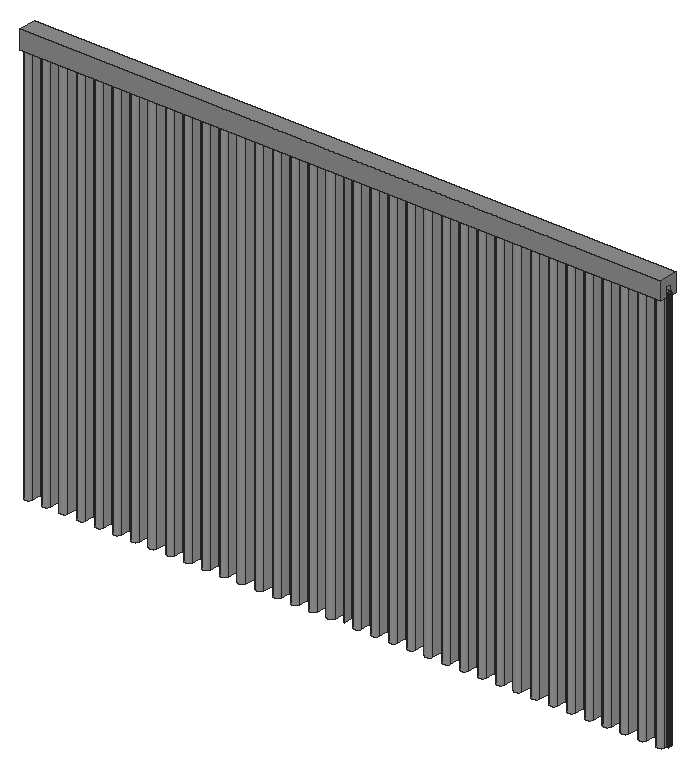
Revit family "Haworth_Pergola_Drapery_Straight", category Furniture Systems, Revit 2018
Family settings
  Round Connector Dimension = Use Diameter
  Part Type = Normal
  OmniClass Number = 23.40.70.14.64.21
  OmniClass Title = Systems Furniture
  Work Plane-Based = No
  Always vertical = Yes
  Cut with Voids When Loaded = No
  Shared = No
  Room Calculation Point = No
Parameters (values of type "144w - Closed Drapery")
  Width = 144"
  Warranty = "http://www.haworth.com/resources/product-info/warranties"
  URL - Product = "https://www.haworth.com/na/en/inspiration/pergola.html"
  URL = "http://www.haworth.com"
  Trim Finish = Haworth _ Paint _ Undecided _ Pergola
  Top Rail [instance] = yes
  Top Drapery Offset = 1/2"
  Standard Width = "48, 72, 96, 120, 144 in."  # constant formula
  Slat Count = ((Actual Width - (End Slat Offset * 2)) / 8") + 1  # 18
  Half Open Drapery = no
  End Slat Offset = 4"  # constant formula
  Custom Size = not(or(Width = 48", Width = 72", Width = 96", Width = 120", Width = 144"))  # no
  Curtain Finish = Haworth _ Fabric _ Undecided _ Pergola
  Closed Drapery = not(Half Open Drapery)  # yes
  Bracket Thickness = 25/128"  # constant formula
  Sustainability Info = "http://www.haworth.com/company-info/sustainablility"
  Model = "Haworth Pergola"  # constant formula
  Description = "Haworth - Pergola Drapery - Straight"  # constant formula
  Base Height = 1 1/2"  # constant formula
  Actual Depth = 4"  # constant formula
  Size = "Verify Final Dim. w/ Haworth"  # constant formula
  Revision Number = "1"  # constant formula
  Min. Width = 48"  # constant formula
  Max. Width = 144"  # constant formula
  Min. Height = 89 1/2"  # constant formula
  Max. Height = 89 1/2"  # constant formula
  Manufacturer = "Haworth"  # constant formula
  Author = "Haworth (Alias)"  # constant formula
  Assembly Code = "E2020200"
  Actual Width = Width  # 144"
  Actual Height = 91 1/4"  # constant formula
  96in Wide Drapery = and(Width = 96", Closed Drapery)  # no
  72in Wide Drapery = and(Width = 72", Closed Drapery)  # no
  48in Wide Drapery = or(and(Width = 96", Half Open Drapery), and(Width = 48", Closed Drapery))  # no
  36in Wide Drapery - Right = and(Width = 144", Half Open Drapery)  # no
  36in Wide Drapery - Left = or(and(Width = 72", Half Open Drapery), and(Width = 144", Half Open Drapery))  # no
  24in Wide Drapery - Right = and(Width = 120", Half Open Drapery)  # no
  24in Wide Drapery - Left = or(and(Width = 48", Half Open Drapery), and(Width = 120", Half Open Drapery))  # no
  144in Wide Drapery = and(Width = 144", Closed Drapery)  # yes
  120in Wide Drapery = and(Width = 120", Closed Drapery)  # no
Reference planes (in)
  plane 1 "Center F/B": y = 0
  plane 2 "Bottom": z = 0
  plane 3 "Center L/R": x = 1.5
  plane 4 "Back": y = 2
  plane 5 "Front": y = -2
  plane 6 "Right": x = 73.5
  plane 7 "Top": z = 92.75
  plane 8 "Left": x = -70.5
  plane 9 "Base Top": z = 1.5
  plane 10 "End Left Slat": x = -66.5
  plane 11 "End Right Slat": x = 69.5
  plane 12: z = 95.5
  plane 13: x = -46.48571
  plane 14: x = -70.42126
  plane 15: x = -34.48571
  plane 16: x = -70.42126
  plane 17: z = 96
  plane 18: x = 25.48571
  plane 19: x = 49.42126
  plane 20: x = 37.48571
  plane 21: x = 73.42126
Forms (in)
  Extrusion 1, solid, material "Haworth _ Paint _ Undecided _ Pergola" <- "Trim Finish"
    sketch origin (0, 0, 0) x (1, 0, 0) y (0, 1, 0)
      loop
        circle (1.5, 0) r 0.23622
    from 91.30469 to 92.75
  Sweep 2, solid, material "Haworth _ Paint _ Undecided _ Pergola" <- "Trim Finish"
    path origin (0, 0, 0) x (1, 0, 0) y (0, 0, 1)
      loop
        line (-70.5, 92.75) -> (-70.5, 1.5)
    profile origin (-70.5, 0, 47.125) x (0, -1, 0) y (1, 0, 0)
      loop
        line (0.59941, 0) -> (-0.59941, 0) -> (-0.59941, -0.0689) -> (-0.52756, -0.0689) -> (-0.52756, -0.52165) -> (-0.46555, -0.52165) -> (-0.46555, -0.0689) -> (0.18996, -0.0689) -> (0.18996, -0.52756) -> (0.30807, -0.52756) -> (0.30807, -0.0689) -> (0.59941, -0.0689) -> (0.59941, 0)
  Sweep 3, solid, material "Haworth _ Paint _ Undecided _ Pergola" <- "Trim Finish"
    path origin (3, 0, 0) x (-1, 0, 0) y (0, 0, 1)
      loop
        line (-70.5, 92.75) -> (-70.5, 1.5)
    profile origin (73.5, 0, 47.125) x (0, -1, 0) y (1, 0, 0)
      loop
        line (-0.59941, 0) -> (0.59941, 0) -> (0.59941, 0.0689) -> (0.52756, 0.0689) -> (0.52756, 0.52165) -> (0.46555, 0.52165) -> (0.46555, 0.0689) -> (-0.18996, 0.0689) -> (-0.18996, 0.52756) -> (-0.30807, 0.52756) -> (-0.30807, 0.0689) -> (-0.59941, 0.0689) -> (-0.59941, 0)
  Sweep 4, solid, material "Haworth _ Paint _ Undecided _ Pergola" <- "Trim Finish"
    path origin (0, 0, 0) x (1, 0, 0) y (0, 0, 1)
      loop
        line (-70.5, 92.75) -> (73.5, 92.75)
    profile origin (1.5, 0, 92.75) x (0, 0, 1) y (0, -1, 0)
      loop
        line (0.0689, -0.59941) -> (0.0689, 0.59941) -> (0, 0.59941) -> (0, -0.59941) -> (0.0689, -0.59941)
  Sweep 5, solid, material "Haworth _ Fabric _ Undecided _ Pergola" <- "Curtain Finish", visible <- "144in Wide Drapery"
    path origin (0, 0, 0) x (1, 0, 0) y (0, 0, 1)
      loop
        line (-70.5, 1.5) -> (-70.5, 92.25)
    profile origin (-70.5, 0, 46.875) x (-1, 0, 0) y (0, -1, 0)
      loop
        line (-0.07874, -1) -> (-0.07874, 0.82614)
        arc (-0.07874, 0.82614) -> (-0.95857, 1.74658) -> (-1.91775, 0.90916) r 0.92138
        line (-1.91775, 0.90916) -> (-2.08309, -0.91838)
        arc (-2.08309, -0.91838) -> (-3, -1.75608) -> (-3.91691, -0.91838) r 0.92066
        line (-3.91691, -0.91838) -> (-4.08187, 0.90498)
        arc (-4.08187, 0.90498) -> (-5, 1.74379) -> (-5.91813, 0.90498) r 0.92188
        line (-5.91813, 0.90498) -> (-6.08187, -0.90498)
        arc (-6.08187, -0.90498) -> (-7, -1.74379) -> (-7.91813, -0.90498) r 0.92188
        line (-7.91813, -0.90498) -> (-8.08187, 0.90498)
        arc (-8.08187, 0.90498) -> (-9, 1.74379) -> (-9.91813, 0.90498) r 0.92188
        line (-9.91813, 0.90498) -> (-10.08187, -0.90498)
        arc (-10.08187, -0.90498) -> (-11, -1.74379) -> (-11.91813, -0.90498) r 0.92188
        line (-11.91813, -0.90498) -> (-12.08187, 0.90498)
        arc (-12.08187, 0.90498) -> (-13, 1.74379) -> (-13.91813, 0.90498) r 0.92188
        line (-13.91813, 0.90498) -> (-14.08309, -0.91838)
        arc (-14.08309, -0.91838) -> (-15, -1.75608) -> (-15.91691, -0.91838) r 0.92066
        line (-15.91691, -0.91838) -> (-16.08187, 0.90498)
        arc (-16.08187, 0.90498) -> (-17, 1.74379) -> (-17.91813, 0.90498) r 0.92188
        line (-17.91813, 0.90498) -> (-18.08309, -0.91838)
        arc (-18.08309, -0.91838) -> (-19, -1.75608) -> (-19.91691, -0.91838) r 0.92066
        line (-19.91691, -0.91838) -> (-20.08187, 0.90498)
        arc (-20.08187, 0.90498) -> (-21, 1.74379) -> (-21.91813, 0.90498) r 0.92188
        line (-21.91813, 0.90498) -> (-22.08309, -0.91838)
        arc (-22.08309, -0.91838) -> (-23, -1.75608) -> (-23.91691, -0.91838) r 0.92066
        line (-23.91691, -0.91838) -> (-24.08187, 0.90498)
        arc (-24.08187, 0.90498) -> (-25, 1.74379) -> (-25.91813, 0.90498) r 0.92188
        line (-25.91813, 0.90498) -> (-26.08309, -0.91838)
        arc (-26.08309, -0.91838) -> (-27, -1.75608) -> (-27.91691, -0.91838) r 0.92066
        line (-27.91691, -0.91838) -> (-28.08187, 0.90498)
        arc (-28.08187, 0.90498) -> (-29, 1.74379) -> (-29.91813, 0.90498) r 0.92188
        line (-29.91813, 0.90498) -> (-30.08309, -0.91838)
        arc (-30.08309, -0.91838) -> (-31, -1.75608) -> (-31.91691, -0.91838) r 0.92066
        line (-31.91691, -0.91838) -> (-32.08187, 0.90498)
        arc (-32.08187, 0.90498) -> (-33, 1.74379) -> (-33.91813, 0.90498) r 0.92188
        line (-33.91813, 0.90498) -> (-34.08309, -0.91838)
        arc (-34.08309, -0.91838) -> (-35, -1.75608) -> (-35.91691, -0.91838) r 0.92066
        line (-35.91691, -0.91838) -> (-36.08187, 0.90498)
        arc (-36.08187, 0.90498) -> (-37, 1.74379) -> (-37.91813, 0.90498) r 0.92188
        line (-37.91813, 0.90498) -> (-38.08309, -0.91838)
        arc (-38.08309, -0.91838) -> (-39, -1.75608) -> (-39.91691, -0.91838) r 0.92066
        line (-39.91691, -0.91838) -> (-40.08187, 0.90498)
        arc (-40.08187, 0.90498) -> (-41, 1.74379) -> (-41.91813, 0.90498) r 0.92188
        line (-41.91813, 0.90498) -> (-42.08309, -0.91838)
        arc (-42.08309, -0.91838) -> (-43, -1.75608) -> (-43.91691, -0.91838) r 0.92066
        line (-43.91691, -0.91838) -> (-44.08187, 0.90498)
        arc (-44.08187, 0.90498) -> (-45, 1.74379) -> (-45.91813, 0.90498) r 0.92188
        line (-45.91813, 0.90498) -> (-46.08309, -0.91838)
        arc (-46.08309, -0.91838) -> (-47, -1.75608) -> (-47.91691, -0.91838) r 0.92066
        line (-47.91691, -0.91838) -> (-48.08187, 0.90498)
        arc (-48.08187, 0.90498) -> (-49, 1.74379) -> (-49.91813, 0.90498) r 0.92188
        line (-49.91813, 0.90498) -> (-50.08309, -0.91838)
        arc (-50.08309, -0.91838) -> (-51, -1.75608) -> (-51.91691, -0.91838) r 0.92066
        line (-51.91691, -0.91838) -> (-52.08187, 0.90498)
        arc (-52.08187, 0.90498) -> (-53, 1.74379) -> (-53.91813, 0.90498) r 0.92188
        line (-53.91813, 0.90498) -> (-54.08309, -0.91838)
        arc (-54.08309, -0.91838) -> (-55, -1.75608) -> (-55.91691, -0.91838) r 0.92066
        line (-55.91691, -0.91838) -> (-56.08187, 0.90498)
        arc (-56.08187, 0.90498) -> (-57, 1.74379) -> (-57.91813, 0.90498) r 0.92188
        line (-57.91813, 0.90498) -> (-58.08309, -0.91838)
        arc (-58.08309, -0.91838) -> (-59, -1.75608) -> (-59.91691, -0.91838) r 0.92066
        line (-59.91691, -0.91838) -> (-60.08187, 0.90498)
        arc (-60.08187, 0.90498) -> (-61, 1.74379) -> (-61.91813, 0.90498) r 0.92188
        line (-61.91813, 0.90498) -> (-62.08309, -0.91838)
        arc (-62.08309, -0.91838) -> (-63, -1.75608) -> (-63.91691, -0.91838) r 0.92066
        line (-63.91691, -0.91838) -> (-64.08187, 0.90498)
        arc (-64.08187, 0.90498) -> (-65, 1.74379) -> (-65.91813, 0.90498) r 0.92188
        line (-65.91813, 0.90498) -> (-66.08309, -0.91838)
        arc (-66.08309, -0.91838) -> (-67, -1.75608) -> (-67.91691, -0.91838) r 0.92066
        line (-67.91691, -0.91838) -> (-68.08174, 0.90354)
        arc (-68.08174, 0.90354) -> (-69, 1.74247) -> (-69.91826, 0.90354) r 0.92201
        line (-69.91826, 0.90354) -> (-70.08308, -0.91833)
        arc (-70.08308, -0.91833) -> (-71.03987, -1.75367) -> (-71.91751, -0.83552) r 0.91908
        line (-71.91751, -0.83552) -> (-71.91751, 1) -> (-71.94876, 1) -> (-71.94876, -0.83552)
        arc (-71.94876, -0.83552) -> (-71.04128, -1.78489) -> (-70.05196, -0.92115) r 0.95033
        line (-70.05196, -0.92115) -> (-69.88713, 0.90073)
        arc (-69.88713, 0.90073) -> (-69, 1.71122) -> (-68.11287, 0.90073) r 0.89076
        line (-68.11287, 0.90073) -> (-67.94804, -0.9212)
        arc (-67.94804, -0.9212) -> (-67, -1.78733) -> (-66.05196, -0.9212) r 0.95191
        line (-66.05196, -0.9212) -> (-65.887, 0.90216)
        arc (-65.887, 0.90216) -> (-65, 1.71254) -> (-64.113, 0.90216) r 0.89062
        line (-64.113, 0.90216) -> (-63.94804, -0.9212)
        arc (-63.94804, -0.9212) -> (-63, -1.78733) -> (-62.05196, -0.9212) r 0.95191
        line (-62.05196, -0.9212) -> (-61.887, 0.90216)
        arc (-61.887, 0.90216) -> (-61, 1.71254) -> (-60.113, 0.90216) r 0.89062
        line (-60.113, 0.90216) -> (-59.94804, -0.9212)
        arc (-59.94804, -0.9212) -> (-59, -1.78733) -> (-58.05196, -0.9212) r 0.95191
        line (-58.05196, -0.9212) -> (-57.887, 0.90216)
        arc (-57.887, 0.90216) -> (-57, 1.71254) -> (-56.113, 0.90216) r 0.89062
        line (-56.113, 0.90216) -> (-55.94804, -0.9212)
        arc (-55.94804, -0.9212) -> (-55, -1.78733) -> (-54.05196, -0.9212) r 0.95191
        line (-54.05196, -0.9212) -> (-53.887, 0.90216)
        arc (-53.887, 0.90216) -> (-53, 1.71254) -> (-52.113, 0.90216) r 0.89062
        line (-52.113, 0.90216) -> (-51.94804, -0.9212)
        arc (-51.94804, -0.9212) -> (-51, -1.78733) -> (-50.05196, -0.9212) r 0.95191
        line (-50.05196, -0.9212) -> (-49.887, 0.90216)
        arc (-49.887, 0.90216) -> (-49, 1.71254) -> (-48.113, 0.90216) r 0.89062
        line (-48.113, 0.90216) -> (-47.94804, -0.9212)
        arc (-47.94804, -0.9212) -> (-47, -1.78733) -> (-46.05196, -0.9212) r 0.95191
        line (-46.05196, -0.9212) -> (-45.887, 0.90216)
        arc (-45.887, 0.90216) -> (-45, 1.71254) -> (-44.113, 0.90216) r 0.89062
        line (-44.113, 0.90216) -> (-43.94804, -0.9212)
        arc (-43.94804, -0.9212) -> (-43, -1.78733) -> (-42.05196, -0.9212) r 0.95191
        line (-42.05196, -0.9212) -> (-41.887, 0.90216)
        arc (-41.887, 0.90216) -> (-41, 1.71254) -> (-40.113, 0.90216) r 0.89062
        line (-40.113, 0.90216) -> (-39.94804, -0.9212)
        arc (-39.94804, -0.9212) -> (-39, -1.78733) -> (-38.05196, -0.9212) r 0.95191
        line (-38.05196, -0.9212) -> (-37.887, 0.90216)
        arc (-37.887, 0.90216) -> (-37, 1.71254) -> (-36.113, 0.90216) r 0.89062
        line (-36.113, 0.90216) -> (-35.94804, -0.9212)
        arc (-35.94804, -0.9212) -> (-35, -1.78733) -> (-34.05196, -0.9212) r 0.95191
        line (-34.05196, -0.9212) -> (-33.887, 0.90216)
        arc (-33.887, 0.90216) -> (-33, 1.71254) -> (-32.113, 0.90216) r 0.89062
        line (-32.113, 0.90216) -> (-31.94804, -0.9212)
        arc (-31.94804, -0.9212) -> (-31, -1.78733) -> (-30.05196, -0.9212) r 0.95191
        line (-30.05196, -0.9212) -> (-29.887, 0.90216)
        arc (-29.887, 0.90216) -> (-29, 1.71254) -> (-28.113, 0.90216) r 0.89062
        line (-28.113, 0.90216) -> (-27.94804, -0.9212)
        arc (-27.94804, -0.9212) -> (-27, -1.78733) -> (-26.05196, -0.9212) r 0.95191
        line (-26.05196, -0.9212) -> (-25.887, 0.90216)
        arc (-25.887, 0.90216) -> (-25, 1.71254) -> (-24.113, 0.90216) r 0.89062
        line (-24.113, 0.90216) -> (-23.94804, -0.9212)
        arc (-23.94804, -0.9212) -> (-23, -1.78733) -> (-22.05196, -0.9212) r 0.95191
        line (-22.05196, -0.9212) -> (-21.887, 0.90216)
        arc (-21.887, 0.90216) -> (-21, 1.71254) -> (-20.113, 0.90216) r 0.89062
        line (-20.113, 0.90216) -> (-19.94804, -0.9212)
        arc (-19.94804, -0.9212) -> (-19, -1.78733) -> (-18.05196, -0.9212) r 0.95191
        line (-18.05196, -0.9212) -> (-17.887, 0.90216)
        arc (-17.887, 0.90216) -> (-17, 1.71254) -> (-16.113, 0.90216) r 0.89062
        line (-16.113, 0.90216) -> (-15.94804, -0.9212)
        arc (-15.94804, -0.9212) -> (-15, -1.78733) -> (-14.05196, -0.9212) r 0.95191
        line (-14.05196, -0.9212) -> (-13.887, 0.90216)
        arc (-13.887, 0.90216) -> (-13, 1.71254) -> (-12.113, 0.90216) r 0.89062
        line (-12.113, 0.90216) -> (-11.94925, -0.90779)
        arc (-11.94925, -0.90779) -> (-11, -1.77504) -> (-10.05075, -0.90779) r 0.95313
        line (-10.05075, -0.90779) -> (-9.887, 0.90216)
        arc (-9.887, 0.90216) -> (-9, 1.71254) -> (-8.113, 0.90216) r 0.89062
        line (-8.113, 0.90216) -> (-7.94925, -0.90779)
        arc (-7.94925, -0.90779) -> (-7, -1.77504) -> (-6.05075, -0.90779) r 0.95313
        line (-6.05075, -0.90779) -> (-5.887, 0.90216)
        arc (-5.887, 0.90216) -> (-5, 1.71254) -> (-4.113, 0.90216) r 0.89062
        line (-4.113, 0.90216) -> (-3.94804, -0.9212)
        arc (-3.94804, -0.9212) -> (-3, -1.78733) -> (-2.05196, -0.9212) r 0.95191
        line (-2.05196, -0.9212) -> (-1.88662, 0.90635)
        arc (-1.88662, 0.90635) -> (-0.95997, 1.71536) -> (-0.10999, 0.82614) r 0.89013
        line (-0.10999, 0.82614) -> (-0.10999, -1) -> (-0.07874, -1)
      loop
        line (-143.92126, -1) -> (-143.89001, -1) -> (-143.89001, 0.82614)
        arc (-143.89001, 0.82614) -> (-143.04003, 1.71536) -> (-142.11338, 0.90635) r 0.89013
        line (-142.11338, 0.90635) -> (-141.94804, -0.9212)
        arc (-141.94804, -0.9212) -> (-141, -1.78733) -> (-140.05196, -0.9212) r 0.95191
        line (-140.05196, -0.9212) -> (-139.887, 0.90216)
        arc (-139.887, 0.90216) -> (-139, 1.71254) -> (-138.113, 0.90216) r 0.89062
        line (-138.113, 0.90216) -> (-137.94925, -0.90779)
        arc (-137.94925, -0.90779) -> (-137, -1.77504) -> (-136.05075, -0.90779) r 0.95313
        line (-136.05075, -0.90779) -> (-135.887, 0.90216)
        arc (-135.887, 0.90216) -> (-135, 1.71254) -> (-134.113, 0.90216) r 0.89062
        line (-134.113, 0.90216) -> (-133.94925, -0.90779)
        arc (-133.94925, -0.90779) -> (-133, -1.77504) -> (-132.05075, -0.90779) r 0.95313
        line (-132.05075, -0.90779) -> (-131.887, 0.90216)
        arc (-131.887, 0.90216) -> (-131, 1.71254) -> (-130.113, 0.90216) r 0.89062
        line (-130.113, 0.90216) -> (-129.94804, -0.9212)
        arc (-129.94804, -0.9212) -> (-129, -1.78733) -> (-128.05196, -0.9212) r 0.95191
        line (-128.05196, -0.9212) -> (-127.887, 0.90216)
        arc (-127.887, 0.90216) -> (-127, 1.71254) -> (-126.113, 0.90216) r 0.89062
        line (-126.113, 0.90216) -> (-125.94804, -0.9212)
        arc (-125.94804, -0.9212) -> (-125, -1.78733) -> (-124.05196, -0.9212) r 0.95191
        line (-124.05196, -0.9212) -> (-123.887, 0.90216)
        arc (-123.887, 0.90216) -> (-123, 1.71254) -> (-122.113, 0.90216) r 0.89062
        line (-122.113, 0.90216) -> (-121.94804, -0.9212)
        arc (-121.94804, -0.9212) -> (-121, -1.78733) -> (-120.05196, -0.9212) r 0.95191
        line (-120.05196, -0.9212) -> (-119.887, 0.90216)
        arc (-119.887, 0.90216) -> (-119, 1.71254) -> (-118.113, 0.90216) r 0.89062
        line (-118.113, 0.90216) -> (-117.94804, -0.9212)
        arc (-117.94804, -0.9212) -> (-117, -1.78733) -> (-116.05196, -0.9212) r 0.95191
        line (-116.05196, -0.9212) -> (-115.887, 0.90216)
        arc (-115.887, 0.90216) -> (-115, 1.71254) -> (-114.113, 0.90216) r 0.89062
        line (-114.113, 0.90216) -> (-113.94804, -0.9212)
        arc (-113.94804, -0.9212) -> (-113, -1.78733) -> (-112.05196, -0.9212) r 0.95191
        line (-112.05196, -0.9212) -> (-111.887, 0.90216)
        arc (-111.887, 0.90216) -> (-111, 1.71254) -> (-110.113, 0.90216) r 0.89062
        line (-110.113, 0.90216) -> (-109.94804, -0.9212)
        arc (-109.94804, -0.9212) -> (-109, -1.78733) -> (-108.05196, -0.9212) r 0.95191
        line (-108.05196, -0.9212) -> (-107.887, 0.90216)
        arc (-107.887, 0.90216) -> (-107, 1.71254) -> (-106.113, 0.90216) r 0.89062
        line (-106.113, 0.90216) -> (-105.94804, -0.9212)
        arc (-105.94804, -0.9212) -> (-105, -1.78733) -> (-104.05196, -0.9212) r 0.95191
        line (-104.05196, -0.9212) -> (-103.887, 0.90216)
        arc (-103.887, 0.90216) -> (-103, 1.71254) -> (-102.113, 0.90216) r 0.89062
        line (-102.113, 0.90216) -> (-101.94804, -0.9212)
        arc (-101.94804, -0.9212) -> (-101, -1.78733) -> (-100.05196, -0.9212) r 0.95191
        line (-100.05196, -0.9212) -> (-99.887, 0.90216)
        arc (-99.887, 0.90216) -> (-99, 1.71254) -> (-98.113, 0.90216) r 0.89062
        line (-98.113, 0.90216) -> (-97.94804, -0.9212)
        arc (-97.94804, -0.9212) -> (-97, -1.78733) -> (-96.05196, -0.9212) r 0.95191
        line (-96.05196, -0.9212) -> (-95.887, 0.90216)
        arc (-95.887, 0.90216) -> (-95, 1.71254) -> (-94.113, 0.90216) r 0.89062
        line (-94.113, 0.90216) -> (-93.94804, -0.9212)
        arc (-93.94804, -0.9212) -> (-93, -1.78733) -> (-92.05196, -0.9212) r 0.95191
        line (-92.05196, -0.9212) -> (-91.887, 0.90216)
        arc (-91.887, 0.90216) -> (-91, 1.71254) -> (-90.113, 0.90216) r 0.89062
        line (-90.113, 0.90216) -> (-89.94804, -0.9212)
        arc (-89.94804, -0.9212) -> (-89, -1.78733) -> (-88.05196, -0.9212) r 0.95191
        line (-88.05196, -0.9212) -> (-87.887, 0.90216)
        arc (-87.887, 0.90216) -> (-87, 1.71254) -> (-86.113, 0.90216) r 0.89062
        line (-86.113, 0.90216) -> (-85.94804, -0.9212)
        arc (-85.94804, -0.9212) -> (-85, -1.78733) -> (-84.05196, -0.9212) r 0.95191
        line (-84.05196, -0.9212) -> (-83.887, 0.90216)
        arc (-83.887, 0.90216) -> (-83, 1.71254) -> (-82.113, 0.90216) r 0.89062
        line (-82.113, 0.90216) -> (-81.94804, -0.9212)
        arc (-81.94804, -0.9212) -> (-81, -1.78733) -> (-80.05196, -0.9212) r 0.95191
        line (-80.05196, -0.9212) -> (-79.887, 0.90216)
        arc (-79.887, 0.90216) -> (-79, 1.71254) -> (-78.113, 0.90216) r 0.89062
        line (-78.113, 0.90216) -> (-77.94804, -0.9212)
        arc (-77.94804, -0.9212) -> (-77, -1.78733) -> (-76.05196, -0.9212) r 0.95191
        line (-76.05196, -0.9212) -> (-75.88713, 0.90073)
        arc (-75.88713, 0.90073) -> (-75, 1.71122) -> (-74.11287, 0.90073) r 0.89076
        line (-74.11287, 0.90073) -> (-73.94804, -0.92115)
        arc (-73.94804, -0.92115) -> (-72.95872, -1.78489) -> (-72.05124, -0.83552) r 0.95033
        line (-72.05124, -0.83552) -> (-72.05124, 1) -> (-72.08249, 1) -> (-72.08249, -0.83552)
        arc (-72.08249, -0.83552) -> (-72.96013, -1.75367) -> (-73.91692, -0.91833) r 0.91908
        line (-73.91692, -0.91833) -> (-74.08174, 0.90354)
        arc (-74.08174, 0.90354) -> (-75, 1.74247) -> (-75.91826, 0.90354) r 0.92201
        line (-75.91826, 0.90354) -> (-76.08309, -0.91838)
        arc (-76.08309, -0.91838) -> (-77, -1.75608) -> (-77.91691, -0.91838) r 0.92066
        line (-77.91691, -0.91838) -> (-78.08187, 0.90498)
        arc (-78.08187, 0.90498) -> (-79, 1.74379) -> (-79.91813, 0.90498) r 0.92188
        line (-79.91813, 0.90498) -> (-80.08309, -0.91838)
        arc (-80.08309, -0.91838) -> (-81, -1.75608) -> (-81.91691, -0.91838) r 0.92066
        line (-81.91691, -0.91838) -> (-82.08187, 0.90498)
        arc (-82.08187, 0.90498) -> (-83, 1.74379) -> (-83.91813, 0.90498) r 0.92188
        line (-83.91813, 0.90498) -> (-84.08309, -0.91838)
        arc (-84.08309, -0.91838) -> (-85, -1.75608) -> (-85.91691, -0.91838) r 0.92066
        line (-85.91691, -0.91838) -> (-86.08187, 0.90498)
        arc (-86.08187, 0.90498) -> (-87, 1.74379) -> (-87.91813, 0.90498) r 0.92188
        line (-87.91813, 0.90498) -> (-88.08309, -0.91838)
        arc (-88.08309, -0.91838) -> (-89, -1.75608) -> (-89.91691, -0.91838) r 0.92066
        line (-89.91691, -0.91838) -> (-90.08187, 0.90498)
        arc (-90.08187, 0.90498) -> (-91, 1.74379) -> (-91.91813, 0.90498) r 0.92188
        line (-91.91813, 0.90498) -> (-92.08309, -0.91838)
        arc (-92.08309, -0.91838) -> (-93, -1.75608) -> (-93.91691, -0.91838) r 0.92066
        line (-93.91691, -0.91838) -> (-94.08187, 0.90498)
        arc (-94.08187, 0.90498) -> (-95, 1.74379) -> (-95.91813, 0.90498) r 0.92188
        line (-95.91813, 0.90498) -> (-96.08309, -0.91838)
        arc (-96.08309, -0.91838) -> (-97, -1.75608) -> (-97.91691, -0.91838) r 0.92066
        line (-97.91691, -0.91838) -> (-98.08187, 0.90498)
        arc (-98.08187, 0.90498) -> (-99, 1.74379) -> (-99.91813, 0.90498) r 0.92188
        line (-99.91813, 0.90498) -> (-100.08309, -0.91838)
        arc (-100.08309, -0.91838) -> (-101, -1.75608) -> (-101.91691, -0.91838) r 0.92066
        line (-101.91691, -0.91838) -> (-102.08187, 0.90498)
        arc (-102.08187, 0.90498) -> (-103, 1.74379) -> (-103.91813, 0.90498) r 0.92188
        line (-103.91813, 0.90498) -> (-104.08309, -0.91838)
        arc (-104.08309, -0.91838) -> (-105, -1.75608) -> (-105.91691, -0.91838) r 0.92066
        line (-105.91691, -0.91838) -> (-106.08187, 0.90498)
        arc (-106.08187, 0.90498) -> (-107, 1.74379) -> (-107.91813, 0.90498) r 0.92188
        line (-107.91813, 0.90498) -> (-108.08309, -0.91838)
        arc (-108.08309, -0.91838) -> (-109, -1.75608) -> (-109.91691, -0.91838) r 0.92066
        line (-109.91691, -0.91838) -> (-110.08187, 0.90498)
        arc (-110.08187, 0.90498) -> (-111, 1.74379) -> (-111.91813, 0.90498) r 0.92188
        line (-111.91813, 0.90498) -> (-112.08309, -0.91838)
        arc (-112.08309, -0.91838) -> (-113, -1.75608) -> (-113.91691, -0.91838) r 0.92066
        line (-113.91691, -0.91838) -> (-114.08187, 0.90498)
        arc (-114.08187, 0.90498) -> (-115, 1.74379) -> (-115.91813, 0.90498) r 0.92188
        line (-115.91813, 0.90498) -> (-116.08309, -0.91838)
        arc (-116.08309, -0.91838) -> (-117, -1.75608) -> (-117.91691, -0.91838) r 0.92066
        line (-117.91691, -0.91838) -> (-118.08187, 0.90498)
        arc (-118.08187, 0.90498) -> (-119, 1.74379) -> (-119.91813, 0.90498) r 0.92188
        line (-119.91813, 0.90498) -> (-120.08309, -0.91838)
        arc (-120.08309, -0.91838) -> (-121, -1.75608) -> (-121.91691, -0.91838) r 0.92066
        line (-121.91691, -0.91838) -> (-122.08187, 0.90498)
        arc (-122.08187, 0.90498) -> (-123, 1.74379) -> (-123.91813, 0.90498) r 0.92188
        line (-123.91813, 0.90498) -> (-124.08309, -0.91838)
        arc (-124.08309, -0.91838) -> (-125, -1.75608) -> (-125.91691, -0.91838) r 0.92066
        line (-125.91691, -0.91838) -> (-126.08187, 0.90498)
        arc (-126.08187, 0.90498) -> (-127, 1.74379) -> (-127.91813, 0.90498) r 0.92188
        line (-127.91813, 0.90498) -> (-128.08309, -0.91838)
        arc (-128.08309, -0.91838) -> (-129, -1.75608) -> (-129.91691, -0.91838) r 0.92066
        line (-129.91691, -0.91838) -> (-130.08187, 0.90498)
        arc (-130.08187, 0.90498) -> (-131, 1.74379) -> (-131.91813, 0.90498) r 0.92188
        line (-131.91813, 0.90498) -> (-132.08187, -0.90498)
        arc (-132.08187, -0.90498) -> (-133, -1.74379) -> (-133.91813, -0.90498) r 0.92188
        line (-133.91813, -0.90498) -> (-134.08187, 0.90498)
        arc (-134.08187, 0.90498) -> (-135, 1.74379) -> (-135.91813, 0.90498) r 0.92188
        line (-135.91813, 0.90498) -> (-136.08187, -0.90498)
        arc (-136.08187, -0.90498) -> (-137, -1.74379) -> (-137.91813, -0.90498) r 0.92188
        line (-137.91813, -0.90498) -> (-138.08187, 0.90498)
        arc (-138.08187, 0.90498) -> (-139, 1.74379) -> (-139.91813, 0.90498) r 0.92188
        line (-139.91813, 0.90498) -> (-140.08309, -0.91838)
        arc (-140.08309, -0.91838) -> (-141, -1.75608) -> (-141.91691, -0.91838) r 0.92066
        line (-141.91691, -0.91838) -> (-142.08225, 0.90916)
        arc (-142.08225, 0.90916) -> (-143.04143, 1.74658) -> (-143.92126, 0.82614) r 0.92138
        line (-143.92126, 0.82614) -> (-143.92126, -1)
  Sweep 6, solid, material "Haworth _ Fabric _ Undecided _ Pergola" <- "Curtain Finish", visible <- "120in Wide Drapery"
    path origin (0, 0, 0) x (1, 0, 0) y (0, 0, 1)
      loop
        line (-70.5, 1.5) -> (-70.5, 92.25)
    profile origin (-70.5, 0, 46.875) x (-1, 0, 0) y (0, -1, 0)
      loop
        line (-0.07874, -1) -> (-0.07874, 0.82614)
        arc (-0.07874, 0.82614) -> (-0.95857, 1.74658) -> (-1.91775, 0.90916) r 0.92138
        line (-1.91775, 0.90916) -> (-2.08309, -0.91838)
        arc (-2.08309, -0.91838) -> (-3, -1.75608) -> (-3.91691, -0.91838) r 0.92066
        line (-3.91691, -0.91838) -> (-4.08187, 0.90498)
        arc (-4.08187, 0.90498) -> (-5, 1.74379) -> (-5.91813, 0.90498) r 0.92188
        line (-5.91813, 0.90498) -> (-6.08187, -0.90498)
        arc (-6.08187, -0.90498) -> (-7, -1.74379) -> (-7.91813, -0.90498) r 0.92188
        line (-7.91813, -0.90498) -> (-8.08187, 0.90498)
        arc (-8.08187, 0.90498) -> (-9, 1.74379) -> (-9.91813, 0.90498) r 0.92188
        line (-9.91813, 0.90498) -> (-10.08187, -0.90498)
        arc (-10.08187, -0.90498) -> (-11, -1.74379) -> (-11.91813, -0.90498) r 0.92188
        line (-11.91813, -0.90498) -> (-12.08187, 0.90498)
        arc (-12.08187, 0.90498) -> (-13, 1.74379) -> (-13.91813, 0.90498) r 0.92188
        line (-13.91813, 0.90498) -> (-14.08309, -0.91838)
        arc (-14.08309, -0.91838) -> (-15, -1.75608) -> (-15.91691, -0.91838) r 0.92066
        line (-15.91691, -0.91838) -> (-16.08187, 0.90498)
        arc (-16.08187, 0.90498) -> (-17, 1.74379) -> (-17.91813, 0.90498) r 0.92188
        line (-17.91813, 0.90498) -> (-18.08309, -0.91838)
        arc (-18.08309, -0.91838) -> (-19, -1.75608) -> (-19.91691, -0.91838) r 0.92066
        line (-19.91691, -0.91838) -> (-20.08187, 0.90498)
        arc (-20.08187, 0.90498) -> (-21, 1.74379) -> (-21.91813, 0.90498) r 0.92188
        line (-21.91813, 0.90498) -> (-22.08309, -0.91838)
        arc (-22.08309, -0.91838) -> (-23, -1.75608) -> (-23.91691, -0.91838) r 0.92066
        line (-23.91691, -0.91838) -> (-24.08187, 0.90498)
        arc (-24.08187, 0.90498) -> (-25, 1.74379) -> (-25.91813, 0.90498) r 0.92188
        line (-25.91813, 0.90498) -> (-26.08309, -0.91838)
        arc (-26.08309, -0.91838) -> (-27, -1.75608) -> (-27.91691, -0.91838) r 0.92066
        line (-27.91691, -0.91838) -> (-28.08187, 0.90498)
        arc (-28.08187, 0.90498) -> (-29, 1.74379) -> (-29.91813, 0.90498) r 0.92188
        line (-29.91813, 0.90498) -> (-30.08309, -0.91838)
        arc (-30.08309, -0.91838) -> (-31, -1.75608) -> (-31.91691, -0.91838) r 0.92066
        line (-31.91691, -0.91838) -> (-32.08187, 0.90498)
        arc (-32.08187, 0.90498) -> (-33, 1.74379) -> (-33.91813, 0.90498) r 0.92188
        line (-33.91813, 0.90498) -> (-34.08309, -0.91838)
        arc (-34.08309, -0.91838) -> (-35, -1.75608) -> (-35.91691, -0.91838) r 0.92066
        line (-35.91691, -0.91838) -> (-36.08187, 0.90498)
        arc (-36.08187, 0.90498) -> (-37, 1.74379) -> (-37.91813, 0.90498) r 0.92188
        line (-37.91813, 0.90498) -> (-38.08309, -0.91838)
        arc (-38.08309, -0.91838) -> (-39, -1.75608) -> (-39.91691, -0.91838) r 0.92066
        line (-39.91691, -0.91838) -> (-40.08187, 0.90498)
        arc (-40.08187, 0.90498) -> (-41, 1.74379) -> (-41.91813, 0.90498) r 0.92188
        line (-41.91813, 0.90498) -> (-42.08309, -0.91838)
        arc (-42.08309, -0.91838) -> (-43, -1.75608) -> (-43.91691, -0.91838) r 0.92066
        line (-43.91691, -0.91838) -> (-44.08187, 0.90498)
        arc (-44.08187, 0.90498) -> (-45, 1.74379) -> (-45.91813, 0.90498) r 0.92188
        line (-45.91813, 0.90498) -> (-46.08309, -0.91838)
        arc (-46.08309, -0.91838) -> (-47, -1.75608) -> (-47.91691, -0.91838) r 0.92066
        line (-47.91691, -0.91838) -> (-48.08187, 0.90498)
        arc (-48.08187, 0.90498) -> (-49, 1.74379) -> (-49.91813, 0.90498) r 0.92188
        line (-49.91813, 0.90498) -> (-50.08309, -0.91838)
        arc (-50.08309, -0.91838) -> (-51, -1.75608) -> (-51.91691, -0.91838) r 0.92066
        line (-51.91691, -0.91838) -> (-52.08187, 0.90498)
        arc (-52.08187, 0.90498) -> (-53, 1.74379) -> (-53.91813, 0.90498) r 0.92188
        line (-53.91813, 0.90498) -> (-54.08309, -0.91838)
        arc (-54.08309, -0.91838) -> (-55, -1.75608) -> (-55.91691, -0.91838) r 0.92066
        line (-55.91691, -0.91838) -> (-56.08187, 0.90498)
        arc (-56.08187, 0.90498) -> (-57, 1.74379) -> (-57.91813, 0.90498) r 0.92188
        line (-57.91813, 0.90498) -> (-58.083, -0.91746)
        arc (-58.083, -0.91746) -> (-59.03984, -1.75284) -> (-59.91751, -0.83465) r 0.91912
        line (-59.91751, -0.83465) -> (-59.91751, 1) -> (-59.94876, 1) -> (-59.94876, -0.83465)
        arc (-59.94876, -0.83465) -> (-59.04125, -1.78405) -> (-58.05188, -0.92028) r 0.95037
        line (-58.05188, -0.92028) -> (-57.887, 0.90216)
        arc (-57.887, 0.90216) -> (-57, 1.71254) -> (-56.113, 0.90216) r 0.89062
        line (-56.113, 0.90216) -> (-55.94804, -0.9212)
        arc (-55.94804, -0.9212) -> (-55, -1.78733) -> (-54.05196, -0.9212) r 0.95191
        line (-54.05196, -0.9212) -> (-53.887, 0.90216)
        arc (-53.887, 0.90216) -> (-53, 1.71254) -> (-52.113, 0.90216) r 0.89062
        line (-52.113, 0.90216) -> (-51.94804, -0.9212)
        arc (-51.94804, -0.9212) -> (-51, -1.78733) -> (-50.05196, -0.9212) r 0.95191
        line (-50.05196, -0.9212) -> (-49.887, 0.90216)
        arc (-49.887, 0.90216) -> (-49, 1.71254) -> (-48.113, 0.90216) r 0.89062
        line (-48.113, 0.90216) -> (-47.94804, -0.9212)
        arc (-47.94804, -0.9212) -> (-47, -1.78733) -> (-46.05196, -0.9212) r 0.95191
        line (-46.05196, -0.9212) -> (-45.887, 0.90216)
        arc (-45.887, 0.90216) -> (-45, 1.71254) -> (-44.113, 0.90216) r 0.89062
        line (-44.113, 0.90216) -> (-43.94804, -0.9212)
        arc (-43.94804, -0.9212) -> (-43, -1.78733) -> (-42.05196, -0.9212) r 0.95191
        line (-42.05196, -0.9212) -> (-41.887, 0.90216)
        arc (-41.887, 0.90216) -> (-41, 1.71254) -> (-40.113, 0.90216) r 0.89062
        line (-40.113, 0.90216) -> (-39.94804, -0.9212)
        arc (-39.94804, -0.9212) -> (-39, -1.78733) -> (-38.05196, -0.9212) r 0.95191
        line (-38.05196, -0.9212) -> (-37.887, 0.90216)
        arc (-37.887, 0.90216) -> (-37, 1.71254) -> (-36.113, 0.90216) r 0.89062
        line (-36.113, 0.90216) -> (-35.94804, -0.9212)
        arc (-35.94804, -0.9212) -> (-35, -1.78733) -> (-34.05196, -0.9212) r 0.95191
        line (-34.05196, -0.9212) -> (-33.887, 0.90216)
        arc (-33.887, 0.90216) -> (-33, 1.71254) -> (-32.113, 0.90216) r 0.89062
        line (-32.113, 0.90216) -> (-31.94804, -0.9212)
        arc (-31.94804, -0.9212) -> (-31, -1.78733) -> (-30.05196, -0.9212) r 0.95191
        line (-30.05196, -0.9212) -> (-29.887, 0.90216)
        arc (-29.887, 0.90216) -> (-29, 1.71254) -> (-28.113, 0.90216) r 0.89062
        line (-28.113, 0.90216) -> (-27.94804, -0.9212)
        arc (-27.94804, -0.9212) -> (-27, -1.78733) -> (-26.05196, -0.9212) r 0.95191
        line (-26.05196, -0.9212) -> (-25.887, 0.90216)
        arc (-25.887, 0.90216) -> (-25, 1.71254) -> (-24.113, 0.90216) r 0.89062
        line (-24.113, 0.90216) -> (-23.94804, -0.9212)
        arc (-23.94804, -0.9212) -> (-23, -1.78733) -> (-22.05196, -0.9212) r 0.95191
        line (-22.05196, -0.9212) -> (-21.887, 0.90216)
        arc (-21.887, 0.90216) -> (-21, 1.71254) -> (-20.113, 0.90216) r 0.89062
        line (-20.113, 0.90216) -> (-19.94804, -0.9212)
        arc (-19.94804, -0.9212) -> (-19, -1.78733) -> (-18.05196, -0.9212) r 0.95191
        line (-18.05196, -0.9212) -> (-17.887, 0.90216)
        arc (-17.887, 0.90216) -> (-17, 1.71254) -> (-16.113, 0.90216) r 0.89062
        line (-16.113, 0.90216) -> (-15.94804, -0.9212)
        arc (-15.94804, -0.9212) -> (-15, -1.78733) -> (-14.05196, -0.9212) r 0.95191
        line (-14.05196, -0.9212) -> (-13.887, 0.90216)
        arc (-13.887, 0.90216) -> (-13, 1.71254) -> (-12.113, 0.90216) r 0.89062
        line (-12.113, 0.90216) -> (-11.94925, -0.90779)
        arc (-11.94925, -0.90779) -> (-11, -1.77504) -> (-10.05075, -0.90779) r 0.95313
        line (-10.05075, -0.90779) -> (-9.887, 0.90216)
        arc (-9.887, 0.90216) -> (-9, 1.71254) -> (-8.113, 0.90216) r 0.89062
        line (-8.113, 0.90216) -> (-7.94925, -0.90779)
        arc (-7.94925, -0.90779) -> (-7, -1.77504) -> (-6.05075, -0.90779) r 0.95313
        line (-6.05075, -0.90779) -> (-5.887, 0.90216)
        arc (-5.887, 0.90216) -> (-5, 1.71254) -> (-4.113, 0.90216) r 0.89062
        line (-4.113, 0.90216) -> (-3.94804, -0.9212)
        arc (-3.94804, -0.9212) -> (-3, -1.78733) -> (-2.05196, -0.9212) r 0.95191
        line (-2.05196, -0.9212) -> (-1.88662, 0.90635)
        arc (-1.88662, 0.90635) -> (-0.95997, 1.71536) -> (-0.10999, 0.82614) r 0.89013
        line (-0.10999, 0.82614) -> (-0.10999, -1) -> (-0.07874, -1)
      loop
        line (-119.92127, -1) -> (-119.89002, -1) -> (-119.89002, 0.82614)
        arc (-119.89002, 0.82614) -> (-119.04003, 1.71536) -> (-118.11338, 0.90635) r 0.89013
        line (-118.11338, 0.90635) -> (-117.94804, -0.9212)
        arc (-117.94804, -0.9212) -> (-117.00001, -1.78733) -> (-116.05197, -0.9212) r 0.95191
        line (-116.05197, -0.9212) -> (-115.88701, 0.90216)
        arc (-115.88701, 0.90216) -> (-115.00001, 1.71254) -> (-114.113, 0.90216) r 0.89062
        line (-114.113, 0.90216) -> (-113.94925, -0.90779)
        arc (-113.94925, -0.90779) -> (-113.00001, -1.77504) -> (-112.05076, -0.90779) r 0.95313
        line (-112.05076, -0.90779) -> (-111.88701, 0.90216)
        arc (-111.88701, 0.90216) -> (-111.00001, 1.71254) -> (-110.113, 0.90216) r 0.89062
        line (-110.113, 0.90216) -> (-109.94925, -0.90779)
        arc (-109.94925, -0.90779) -> (-109.00001, -1.77504) -> (-108.05076, -0.90779) r 0.95313
        line (-108.05076, -0.90779) -> (-107.88701, 0.90216)
        arc (-107.88701, 0.90216) -> (-107.00001, 1.71254) -> (-106.113, 0.90216) r 0.89062
        line (-106.113, 0.90216) -> (-105.94804, -0.9212)
        arc (-105.94804, -0.9212) -> (-105.00001, -1.78733) -> (-104.05197, -0.9212) r 0.95191
        line (-104.05197, -0.9212) -> (-103.88701, 0.90216)
        arc (-103.88701, 0.90216) -> (-103.00001, 1.71254) -> (-102.113, 0.90216) r 0.89062
        line (-102.113, 0.90216) -> (-101.94804, -0.9212)
        arc (-101.94804, -0.9212) -> (-101.00001, -1.78733) -> (-100.05197, -0.9212) r 0.95191
        line (-100.05197, -0.9212) -> (-99.88701, 0.90216)
        arc (-99.88701, 0.90216) -> (-99.00001, 1.71254) -> (-98.113, 0.90216) r 0.89062
        line (-98.113, 0.90216) -> (-97.94804, -0.9212)
        arc (-97.94804, -0.9212) -> (-97.00001, -1.78733) -> (-96.05197, -0.9212) r 0.95191
        line (-96.05197, -0.9212) -> (-95.88701, 0.90216)
        arc (-95.88701, 0.90216) -> (-95.00001, 1.71254) -> (-94.113, 0.90216) r 0.89062
        line (-94.113, 0.90216) -> (-93.94804, -0.9212)
        arc (-93.94804, -0.9212) -> (-93.00001, -1.78733) -> (-92.05197, -0.9212) r 0.95191
        line (-92.05197, -0.9212) -> (-91.88701, 0.90216)
        arc (-91.88701, 0.90216) -> (-91.00001, 1.71254) -> (-90.113, 0.90216) r 0.89062
        line (-90.113, 0.90216) -> (-89.94804, -0.9212)
        arc (-89.94804, -0.9212) -> (-89.00001, -1.78733) -> (-88.05197, -0.9212) r 0.95191
        line (-88.05197, -0.9212) -> (-87.88701, 0.90216)
        arc (-87.88701, 0.90216) -> (-87.00001, 1.71254) -> (-86.113, 0.90216) r 0.89062
        line (-86.113, 0.90216) -> (-85.94804, -0.9212)
        arc (-85.94804, -0.9212) -> (-85.00001, -1.78733) -> (-84.05197, -0.9212) r 0.95191
        line (-84.05197, -0.9212) -> (-83.88701, 0.90216)
        arc (-83.88701, 0.90216) -> (-83.00001, 1.71254) -> (-82.113, 0.90216) r 0.89062
        line (-82.113, 0.90216) -> (-81.94804, -0.9212)
        arc (-81.94804, -0.9212) -> (-81.00001, -1.78733) -> (-80.05197, -0.9212) r 0.95191
        line (-80.05197, -0.9212) -> (-79.88701, 0.90216)
        arc (-79.88701, 0.90216) -> (-79.00001, 1.71254) -> (-78.113, 0.90216) r 0.89062
        line (-78.113, 0.90216) -> (-77.94804, -0.9212)
        arc (-77.94804, -0.9212) -> (-77.00001, -1.78733) -> (-76.05197, -0.9212) r 0.95191
        line (-76.05197, -0.9212) -> (-75.88701, 0.90216)
        arc (-75.88701, 0.90216) -> (-75.00001, 1.71254) -> (-74.113, 0.90216) r 0.89062
        line (-74.113, 0.90216) -> (-73.94804, -0.9212)
        arc (-73.94804, -0.9212) -> (-73.00001, -1.78733) -> (-72.05197, -0.9212) r 0.95191
        line (-72.05197, -0.9212) -> (-71.88701, 0.90216)
        arc (-71.88701, 0.90216) -> (-71.00001, 1.71254) -> (-70.113, 0.90216) r 0.89062
        line (-70.113, 0.90216) -> (-69.94804, -0.9212)
        arc (-69.94804, -0.9212) -> (-69.00001, -1.78733) -> (-68.05197, -0.9212) r 0.95191
        line (-68.05197, -0.9212) -> (-67.88701, 0.90216)
        arc (-67.88701, 0.90216) -> (-67.00001, 1.71254) -> (-66.113, 0.90216) r 0.89062
        line (-66.113, 0.90216) -> (-65.94804, -0.9212)
        arc (-65.94804, -0.9212) -> (-65.00001, -1.78733) -> (-64.05197, -0.9212) r 0.95191
        line (-64.05197, -0.9212) -> (-63.88701, 0.90216)
        arc (-63.88701, 0.90216) -> (-63.00001, 1.71254) -> (-62.113, 0.90216) r 0.89062
        line (-62.113, 0.90216) -> (-61.94812, -0.92028)
        arc (-61.94812, -0.92028) -> (-60.95876, -1.78405) -> (-60.05124, -0.83465) r 0.95037
        line (-60.05124, -0.83465) -> (-60.05124, 1) -> (-60.08249, 1) -> (-60.08249, -0.83465)
        arc (-60.08249, -0.83465) -> (-60.96017, -1.75284) -> (-61.917, -0.91746) r 0.91912
        line (-61.917, -0.91746) -> (-62.08188, 0.90498)
        arc (-62.08188, 0.90498) -> (-63.00001, 1.74379) -> (-63.91813, 0.90498) r 0.92188
        line (-63.91813, 0.90498) -> (-64.08309, -0.91838)
        arc (-64.08309, -0.91838) -> (-65.00001, -1.75608) -> (-65.91692, -0.91838) r 0.92066
        line (-65.91692, -0.91838) -> (-66.08188, 0.90498)
        arc (-66.08188, 0.90498) -> (-67.00001, 1.74379) -> (-67.91813, 0.90498) r 0.92188
        line (-67.91813, 0.90498) -> (-68.08309, -0.91838)
        arc (-68.08309, -0.91838) -> (-69.00001, -1.75608) -> (-69.91692, -0.91838) r 0.92066
        line (-69.91692, -0.91838) -> (-70.08188, 0.90498)
        arc (-70.08188, 0.90498) -> (-71.00001, 1.74379) -> (-71.91813, 0.90498) r 0.92188
        line (-71.91813, 0.90498) -> (-72.08309, -0.91838)
        arc (-72.08309, -0.91838) -> (-73.00001, -1.75608) -> (-73.91692, -0.91838) r 0.92066
        line (-73.91692, -0.91838) -> (-74.08188, 0.90498)
        arc (-74.08188, 0.90498) -> (-75.00001, 1.74379) -> (-75.91813, 0.90498) r 0.92188
        line (-75.91813, 0.90498) -> (-76.08309, -0.91838)
        arc (-76.08309, -0.91838) -> (-77.00001, -1.75608) -> (-77.91692, -0.91838) r 0.92066
        line (-77.91692, -0.91838) -> (-78.08188, 0.90498)
        arc (-78.08188, 0.90498) -> (-79.00001, 1.74379) -> (-79.91813, 0.90498) r 0.92188
        line (-79.91813, 0.90498) -> (-80.08309, -0.91838)
        arc (-80.08309, -0.91838) -> (-81.00001, -1.75608) -> (-81.91692, -0.91838) r 0.92066
        line (-81.91692, -0.91838) -> (-82.08188, 0.90498)
        arc (-82.08188, 0.90498) -> (-83.00001, 1.74379) -> (-83.91813, 0.90498) r 0.92188
        line (-83.91813, 0.90498) -> (-84.08309, -0.91838)
        arc (-84.08309, -0.91838) -> (-85.00001, -1.75608) -> (-85.91692, -0.91838) r 0.92066
        line (-85.91692, -0.91838) -> (-86.08188, 0.90498)
        arc (-86.08188, 0.90498) -> (-87.00001, 1.74379) -> (-87.91813, 0.90498) r 0.92188
        line (-87.91813, 0.90498) -> (-88.08309, -0.91838)
        arc (-88.08309, -0.91838) -> (-89.00001, -1.75608) -> (-89.91692, -0.91838) r 0.92066
        line (-89.91692, -0.91838) -> (-90.08188, 0.90498)
        arc (-90.08188, 0.90498) -> (-91.00001, 1.74379) -> (-91.91813, 0.90498) r 0.92188
        line (-91.91813, 0.90498) -> (-92.08309, -0.91838)
        arc (-92.08309, -0.91838) -> (-93.00001, -1.75608) -> (-93.91692, -0.91838) r 0.92066
        line (-93.91692, -0.91838) -> (-94.08188, 0.90498)
        arc (-94.08188, 0.90498) -> (-95.00001, 1.74379) -> (-95.91813, 0.90498) r 0.92188
        line (-95.91813, 0.90498) -> (-96.08309, -0.91838)
        arc (-96.08309, -0.91838) -> (-97.00001, -1.75608) -> (-97.91692, -0.91838) r 0.92066
        line (-97.91692, -0.91838) -> (-98.08188, 0.90498)
        arc (-98.08188, 0.90498) -> (-99.00001, 1.74379) -> (-99.91813, 0.90498) r 0.92188
        line (-99.91813, 0.90498) -> (-100.08309, -0.91838)
        arc (-100.08309, -0.91838) -> (-101.00001, -1.75608) -> (-101.91692, -0.91838) r 0.92066
        line (-101.91692, -0.91838) -> (-102.08188, 0.90498)
        arc (-102.08188, 0.90498) -> (-103.00001, 1.74379) -> (-103.91813, 0.90498) r 0.92188
        line (-103.91813, 0.90498) -> (-104.08309, -0.91838)
        arc (-104.08309, -0.91838) -> (-105.00001, -1.75608) -> (-105.91692, -0.91838) r 0.92066
        line (-105.91692, -0.91838) -> (-106.08188, 0.90498)
        arc (-106.08188, 0.90498) -> (-107.00001, 1.74379) -> (-107.91813, 0.90498) r 0.92188
        line (-107.91813, 0.90498) -> (-108.08188, -0.90498)
        arc (-108.08188, -0.90498) -> (-109.00001, -1.74379) -> (-109.91813, -0.90498) r 0.92188
        line (-109.91813, -0.90498) -> (-110.08188, 0.90498)
        arc (-110.08188, 0.90498) -> (-111.00001, 1.74379) -> (-111.91813, 0.90498) r 0.92188
        line (-111.91813, 0.90498) -> (-112.08188, -0.90498)
        arc (-112.08188, -0.90498) -> (-113.00001, -1.74379) -> (-113.91813, -0.90498) r 0.92188
        line (-113.91813, -0.90498) -> (-114.08188, 0.90498)
        arc (-114.08188, 0.90498) -> (-115.00001, 1.74379) -> (-115.91813, 0.90498) r 0.92188
        line (-115.91813, 0.90498) -> (-116.08309, -0.91838)
        arc (-116.08309, -0.91838) -> (-117.00001, -1.75608) -> (-117.91692, -0.91838) r 0.92066
        line (-117.91692, -0.91838) -> (-118.08226, 0.90916)
        arc (-118.08226, 0.90916) -> (-119.04144, 1.74658) -> (-119.92127, 0.82614) r 0.92138
        line (-119.92127, 0.82614) -> (-119.92127, -1)
  Sweep 7, solid, material "Haworth _ Fabric _ Undecided _ Pergola" <- "Curtain Finish", visible <- "96in Wide Drapery"
    path origin (0, 0, 0) x (1, 0, 0) y (0, 0, 1)
      loop
        line (-70.5, 1.5) -> (-70.5, 92.25)
    profile origin (-70.5, 0, 46.875) x (-1, 0, 0) y (0, -1, 0)
      loop
        line (-0.07874, -1) -> (-0.07874, 0.82614)
        arc (-0.07874, 0.82614) -> (-0.95857, 1.74658) -> (-1.91775, 0.90916) r 0.92138
        line (-1.91775, 0.90916) -> (-2.08309, -0.91838)
        arc (-2.08309, -0.91838) -> (-3, -1.75608) -> (-3.91691, -0.91838) r 0.92066
        line (-3.91691, -0.91838) -> (-4.08187, 0.90498)
        arc (-4.08187, 0.90498) -> (-5, 1.74379) -> (-5.91813, 0.90498) r 0.92188
        line (-5.91813, 0.90498) -> (-6.08187, -0.90498)
        arc (-6.08187, -0.90498) -> (-7, -1.74379) -> (-7.91813, -0.90498) r 0.92188
        line (-7.91813, -0.90498) -> (-8.08187, 0.90498)
        arc (-8.08187, 0.90498) -> (-9, 1.74379) -> (-9.91813, 0.90498) r 0.92188
        line (-9.91813, 0.90498) -> (-10.08187, -0.90498)
        arc (-10.08187, -0.90498) -> (-11, -1.74379) -> (-11.91813, -0.90498) r 0.92188
        line (-11.91813, -0.90498) -> (-12.08187, 0.90498)
        arc (-12.08187, 0.90498) -> (-13, 1.74379) -> (-13.91813, 0.90498) r 0.92188
        line (-13.91813, 0.90498) -> (-14.08309, -0.91838)
        arc (-14.08309, -0.91838) -> (-15, -1.75608) -> (-15.91691, -0.91838) r 0.92066
        line (-15.91691, -0.91838) -> (-16.08187, 0.90498)
        arc (-16.08187, 0.90498) -> (-17, 1.74379) -> (-17.91813, 0.90498) r 0.92188
        line (-17.91813, 0.90498) -> (-18.08309, -0.91838)
        arc (-18.08309, -0.91838) -> (-19, -1.75608) -> (-19.91691, -0.91838) r 0.92066
        line (-19.91691, -0.91838) -> (-20.08187, 0.90498)
        arc (-20.08187, 0.90498) -> (-21, 1.74379) -> (-21.91813, 0.90498) r 0.92188
        line (-21.91813, 0.90498) -> (-22.08309, -0.91838)
        arc (-22.08309, -0.91838) -> (-23, -1.75608) -> (-23.91691, -0.91838) r 0.92066
        line (-23.91691, -0.91838) -> (-24.08187, 0.90498)
        arc (-24.08187, 0.90498) -> (-25, 1.74379) -> (-25.91813, 0.90498) r 0.92188
        line (-25.91813, 0.90498) -> (-26.08309, -0.91838)
        arc (-26.08309, -0.91838) -> (-27, -1.75608) -> (-27.91691, -0.91838) r 0.92066
        line (-27.91691, -0.91838) -> (-28.08187, 0.90498)
        arc (-28.08187, 0.90498) -> (-29, 1.74379) -> (-29.91813, 0.90498) r 0.92188
        line (-29.91813, 0.90498) -> (-30.08309, -0.91838)
        arc (-30.08309, -0.91838) -> (-31, -1.75608) -> (-31.91691, -0.91838) r 0.92066
        line (-31.91691, -0.91838) -> (-32.08187, 0.90498)
        arc (-32.08187, 0.90498) -> (-33, 1.74379) -> (-33.91813, 0.90498) r 0.92188
        line (-33.91813, 0.90498) -> (-34.08309, -0.91838)
        arc (-34.08309, -0.91838) -> (-35, -1.75608) -> (-35.91691, -0.91838) r 0.92066
        line (-35.91691, -0.91838) -> (-36.08187, 0.90498)
        arc (-36.08187, 0.90498) -> (-37, 1.74379) -> (-37.91813, 0.90498) r 0.92188
        line (-37.91813, 0.90498) -> (-38.08309, -0.91838)
        arc (-38.08309, -0.91838) -> (-39, -1.75608) -> (-39.91691, -0.91838) r 0.92066
        line (-39.91691, -0.91838) -> (-40.08187, 0.90498)
        arc (-40.08187, 0.90498) -> (-41, 1.74379) -> (-41.91813, 0.90498) r 0.92188
        line (-41.91813, 0.90498) -> (-42.08309, -0.91838)
        arc (-42.08309, -0.91838) -> (-43, -1.75608) -> (-43.91691, -0.91838) r 0.92066
        line (-43.91691, -0.91838) -> (-44.08187, 0.90498)
        arc (-44.08187, 0.90498) -> (-45, 1.74379) -> (-45.91813, 0.90498) r 0.92188
        line (-45.91813, 0.90498) -> (-46.08309, -0.91838)
        arc (-46.08309, -0.91838) -> (-47, -1.75608) -> (-47.91691, -0.91838) r 0.92066
        line (-47.91691, -0.91838) -> (-48.08187, 0.90498)
        arc (-48.08187, 0.90498) -> (-49, 1.74379) -> (-49.91813, 0.90498) r 0.92188
        line (-49.91813, 0.90498) -> (-50.08309, -0.91838)
        arc (-50.08309, -0.91838) -> (-51, -1.75608) -> (-51.91691, -0.91838) r 0.92066
        line (-51.91691, -0.91838) -> (-52.08187, 0.90498)
        arc (-52.08187, 0.90498) -> (-53, 1.74379) -> (-53.91813, 0.90498) r 0.92188
        line (-53.91813, 0.90498) -> (-54.08309, -0.91838)
        arc (-54.08309, -0.91838) -> (-55, -1.75608) -> (-55.91691, -0.91838) r 0.92066
        line (-55.91691, -0.91838) -> (-56.08187, 0.90498)
        arc (-56.08187, 0.90498) -> (-57, 1.74379) -> (-57.91813, 0.90498) r 0.92188
        line (-57.91813, 0.90498) -> (-58.08187, -0.90497)
        arc (-58.08187, -0.90497) -> (-59, -1.74378) -> (-59.91812, -0.90497) r 0.92188
        line (-59.91812, -0.90497) -> (-60.08188, 0.90497)
        arc (-60.08188, 0.90497) -> (-61, 1.74378) -> (-61.91813, 0.90497) r 0.92188
        line (-61.91813, 0.90497) -> (-62.08187, -0.90497)
        arc (-62.08187, -0.90497) -> (-63, -1.74378) -> (-63.91812, -0.90497) r 0.92188
        line (-63.91812, -0.90497) -> (-64.08188, 0.90497)
        arc (-64.08188, 0.90497) -> (-65, 1.74378) -> (-65.91813, 0.90497) r 0.92188
        line (-65.91813, 0.90497) -> (-66.08187, -0.90497)
        arc (-66.08187, -0.90497) -> (-67, -1.74378) -> (-67.91812, -0.90497) r 0.92188
        line (-67.91812, -0.90497) -> (-68.08188, 0.90497)
        arc (-68.08188, 0.90497) -> (-69, 1.74378) -> (-69.91813, 0.90497) r 0.92188
        line (-69.91813, 0.90497) -> (-70.08187, -0.90497)
        arc (-70.08187, -0.90497) -> (-71, -1.74378) -> (-71.91812, -0.90497) r 0.92188
        line (-71.91812, -0.90497) -> (-72.08188, 0.90497)
        arc (-72.08188, 0.90497) -> (-73, 1.74378) -> (-73.91813, 0.90497) r 0.92188
        line (-73.91813, 0.90497) -> (-74.08187, -0.90497)
        arc (-74.08187, -0.90497) -> (-75, -1.74378) -> (-75.91812, -0.90497) r 0.92188
        line (-75.91812, -0.90497) -> (-76.08188, 0.90497)
        arc (-76.08188, 0.90497) -> (-77, 1.74378) -> (-77.91813, 0.90497) r 0.92188
        line (-77.91813, 0.90497) -> (-78.08187, -0.90497)
        arc (-78.08187, -0.90497) -> (-79, -1.74378) -> (-79.91812, -0.90497) r 0.92188
        line (-79.91812, -0.90497) -> (-80.08188, 0.90497)
        arc (-80.08188, 0.90497) -> (-81, 1.74378) -> (-81.91813, 0.90497) r 0.92188
        line (-81.91813, 0.90497) -> (-82.08187, -0.90497)
        arc (-82.08187, -0.90497) -> (-83, -1.74378) -> (-83.91812, -0.90497) r 0.92188
        line (-83.91812, -0.90497) -> (-84.08188, 0.90497)
        arc (-84.08188, 0.90497) -> (-85, 1.74378) -> (-85.91813, 0.90497) r 0.92188
        line (-85.91813, 0.90497) -> (-86.08187, -0.90497)
        arc (-86.08187, -0.90497) -> (-87, -1.74378) -> (-87.91812, -0.90497) r 0.92188
        line (-87.91812, -0.90497) -> (-88.08188, 0.90497)
        arc (-88.08188, 0.90497) -> (-89, 1.74378) -> (-89.91813, 0.90497) r 0.92188
        line (-89.91813, 0.90497) -> (-90.08187, -0.90497)
        arc (-90.08187, -0.90497) -> (-91, -1.74378) -> (-91.91812, -0.90497) r 0.92188
        line (-91.91812, -0.90497) -> (-92.08188, 0.90497)
        arc (-92.08188, 0.90497) -> (-93, 1.74378) -> (-93.91813, 0.90497) r 0.92188
        line (-93.91813, 0.90497) -> (-94.08267, -0.91383)
        arc (-94.08267, -0.91383) -> (-95.03968, -1.74936) -> (-95.91751, -0.831) r 0.91929
        line (-95.91751, -0.831) -> (-95.91751, 1) -> (-95.94876, 1) -> (-95.94876, -0.831)
        arc (-95.94876, -0.831) -> (-95.04109, -1.78057) -> (-94.05155, -0.91665) r 0.95054
        line (-94.05155, -0.91665) -> (-93.887, 0.90215)
        arc (-93.887, 0.90215) -> (-93, 1.71253) -> (-92.113, 0.90216) r 0.89062
        line (-92.113, 0.90216) -> (-91.94925, -0.90779)
        arc (-91.94925, -0.90779) -> (-91, -1.77503) -> (-90.05075, -0.90778) r 0.95313
        line (-90.05075, -0.90778) -> (-89.887, 0.90215)
        arc (-89.887, 0.90215) -> (-89, 1.71253) -> (-88.113, 0.90215) r 0.89062
        line (-88.113, 0.90215) -> (-87.94925, -0.90779)
        arc (-87.94925, -0.90779) -> (-87, -1.77503) -> (-86.05075, -0.90778) r 0.95313
        line (-86.05075, -0.90778) -> (-85.887, 0.90215)
        arc (-85.887, 0.90215) -> (-85, 1.71253) -> (-84.113, 0.90215) r 0.89062
        line (-84.113, 0.90215) -> (-83.94925, -0.90779)
        arc (-83.94925, -0.90779) -> (-83, -1.77503) -> (-82.05075, -0.90778) r 0.95313
        line (-82.05075, -0.90778) -> (-81.887, 0.90215)
        arc (-81.887, 0.90215) -> (-81, 1.71253) -> (-80.113, 0.90215) r 0.89062
        line (-80.113, 0.90215) -> (-79.94925, -0.90779)
        arc (-79.94925, -0.90779) -> (-79, -1.77503) -> (-78.05075, -0.90778) r 0.95313
        line (-78.05075, -0.90778) -> (-77.887, 0.90215)
        arc (-77.887, 0.90215) -> (-77, 1.71253) -> (-76.113, 0.90215) r 0.89062
        line (-76.113, 0.90215) -> (-75.94925, -0.90779)
        arc (-75.94925, -0.90779) -> (-75, -1.77503) -> (-74.05075, -0.90778) r 0.95313
        line (-74.05075, -0.90778) -> (-73.887, 0.90215)
        arc (-73.887, 0.90215) -> (-73, 1.71253) -> (-72.113, 0.90215) r 0.89062
        line (-72.113, 0.90215) -> (-71.94925, -0.90779)
        arc (-71.94925, -0.90779) -> (-71, -1.77503) -> (-70.05075, -0.90778) r 0.95313
        line (-70.05075, -0.90778) -> (-69.887, 0.90215)
        arc (-69.887, 0.90215) -> (-69, 1.71253) -> (-68.113, 0.90215) r 0.89062
        line (-68.113, 0.90215) -> (-67.94925, -0.90779)
        arc (-67.94925, -0.90779) -> (-67, -1.77503) -> (-66.05075, -0.90778) r 0.95313
        line (-66.05075, -0.90778) -> (-65.887, 0.90215)
        arc (-65.887, 0.90215) -> (-65, 1.71253) -> (-64.113, 0.90215) r 0.89062
        line (-64.113, 0.90215) -> (-63.94925, -0.90779)
        arc (-63.94925, -0.90779) -> (-63, -1.77503) -> (-62.05075, -0.90778) r 0.95313
        line (-62.05075, -0.90778) -> (-61.887, 0.90215)
        arc (-61.887, 0.90215) -> (-61, 1.71253) -> (-60.113, 0.90215) r 0.89062
        line (-60.113, 0.90215) -> (-59.94925, -0.90779)
        arc (-59.94925, -0.90779) -> (-59, -1.77503) -> (-58.05075, -0.90778) r 0.95313
        line (-58.05075, -0.90778) -> (-57.887, 0.90216)
        arc (-57.887, 0.90216) -> (-57, 1.71254) -> (-56.113, 0.90216) r 0.89062
        line (-56.113, 0.90216) -> (-55.94804, -0.9212)
        arc (-55.94804, -0.9212) -> (-55, -1.78733) -> (-54.05196, -0.9212) r 0.95191
        line (-54.05196, -0.9212) -> (-53.887, 0.90216)
        arc (-53.887, 0.90216) -> (-53, 1.71254) -> (-52.113, 0.90216) r 0.89062
        line (-52.113, 0.90216) -> (-51.94804, -0.9212)
        arc (-51.94804, -0.9212) -> (-51, -1.78733) -> (-50.05196, -0.9212) r 0.95191
